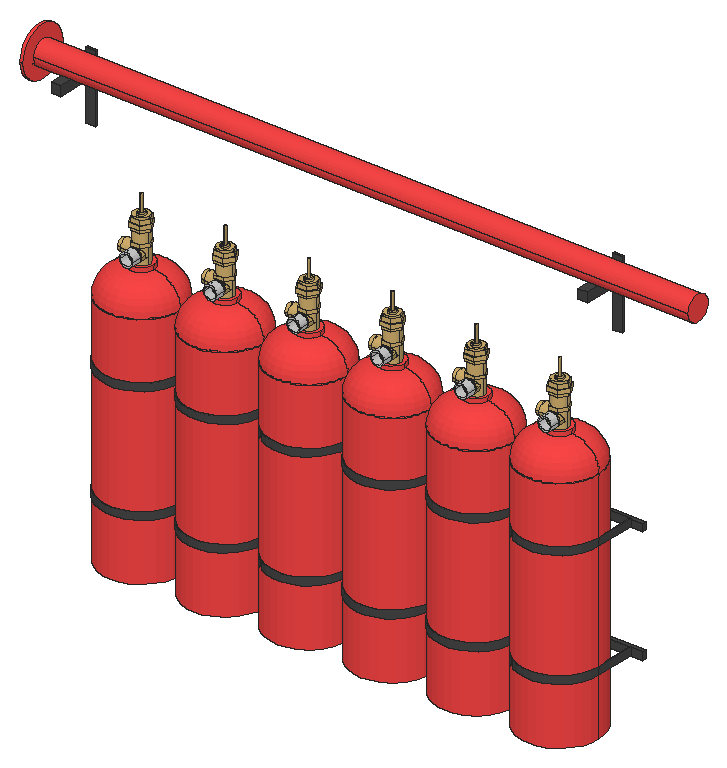
Revit family "Batería de cilindros 150l en simple fila FK-5-1-12_Aguilera Extincion", category Equipos especializados, Revit 2019
Family settings
  Anfitrión = Suelo
  Cota de conector redondo = Radio de uso
  Tipo de pieza = Normal
  Número OmniClass = 23.65.20.14.24
  Título OmniClass = Other Gas Storage Vessels
  Siempre vertical = Sí
  Corte con vacíos al cargar = No
  Compartido = No
  Punto de cálculo de habitación = No
Parameters (values of type "Batería 6 cilindros FK-5-1-12 - 150 l")
  URL = "https://aguilera.es/?productos=sistemas-centralizados-de-67-80-150-y-240l"
  Símbolo texto = yes
  Símbolo = yes
  Rc2 = Radio colector * 2  # 127 mm
  Radio colector = Diámetro colector / 2  # 63.5 mm
  R = Diámetro / 2  # 203 mm
  Número soportes = 2
  Número de cilindros = 6
  Modelo = "AEX/FKB150-06"
  Lt = 3423 mm
  Lcc = Lt / (Número soportes - 0.75)  # 2738.4 mm
  Lc = 535 mm  # constant formula
  Ht = Hc + Diámetro colector  # 2189 mm
  Fabricante = "Aguilera Extinción"  # constant formula
  Diámetro colector = 127 mm
  Descripción = "Batería de cilindros de 150 l, fabricados en acero aleado certificados bajo normativa europea TPED para su uso con NOVEC 1230 de 3M. Presión de trabajo 25 bar a 21.1ºC. Pintados en color rojo (RAL 3002).\r\nEquipados con:\r\n– Válvula de descarga KIDDE 2″. Certificada CE y VdS.\r\n– Solenoide KIDDE 24 Vcc de disparo. Certificado CE y VdS (botella piloto).\r\n– Actuador Manual KIDDE. Certificado CE y Vds.(botella piloto)\r\n– Manómetro con presostato KIDDE. Certificado CE y VdS\r\n– Actuador neumático KIDDE. Certificado CE y VdS (botellas esclavas)\r\n– Latiguillos de disparo y descarga. Certificados CE.\r\n– Colector con brida de acoplamiento.\r\n– Válvulas antirretorno. Certificadas CE.\r\n– Conexión de descarga a colector.\r\n– Herrajes para fijación a pared.\r\n– Caperuza de protección para transporte."  # constant formula
  Diámetro = 406 mm  # constant formula
  Hc = 2062 mm  # constant formula
  D2 = 535 mm  # constant formula
  Cilindro = Cilindros autonomos de 150 a 240l FK-5-1-12_Aguilera Extincion : Cilindro autónomo MH5112® (FK-5-1-12) - 150 l
Types (10, lengths in mm): name | Rc2 | Radio colector | Número soportes | Número de cilindros | Modelo | Lt | Lcc | Ht | Diámetro colector
  (no name) | 127 | 63.5 | 2 | 6 | "AEX/FKB150-06" | 3423 | 2738.4 | 2189 | 127
  Batería 3 cilindros FK-5-1-12 - 150 l | 76.2 | 38.1 | 2 | 3 | "AEX/FKB150-03" | 1786 | 1428.8 | 2138.2 | 76.2
  Batería 4 cilindros FK-5-1-12 - 150 l | 101.6 | 50.8 | 2 | 4 | "AEX/FKB150-04" | 2341 | 1872.8 | 2163.6 | 101.6
  Batería 5 cilindros FK-5-1-12 - 150 l | 101.6 | 50.8 | 2 | 5 | "AEX/FKB150-05" | 2876 | 2300.8 | 2163.6 | 101.6
  Batería 6 cilindros FK-5-1-12 - 150 l | 127 | 63.5 | 2 | 6 | "AEX/FKB150-06" | 3423 | 2738.4 | 2189 | 127
  Batería 7 cilindros FK-5-1-12 - 150 l | 127 | 63.5 | 3 | 7 | "AEX/FKB150-07" | 3958 | 1759.111 | 2189 | 127
  Batería 8 cilindros FK-5-1-12 - 150 l | 127 | 63.5 | 3 | 8 | "AEX/FKB150-08" | 4496 | 1998.222 | 2189 | 127
  Batería 9 cilindros FK-5-1-12 - 150 l | 152.4 | 76.2 | 3 | 9 | "AEX/FKB150-09" | 5031 | 2236 | 2214.4 | 152.4
  Batería 10 cilindros FK-5-1-12 - 150 l | 152.4 | 76.2 | 3 | 10 | "AEX/FKB150-10" | 5566 | 2473.778 | 2214.4 | 152.4
  Batería 2 cilindros FK-5-1-12 - 150 l | 76.2 | 38.1 | 2 | 2 | "AEX/FKB150-02" | 1251 | 1000.8 | 2138.2 | 76.2
Reference planes
  plane 1 "Centro (Frontal/Posterior)": y = 0
  plane 2: z = 0
  plane 3 "Centro (Izquierda/Derecha)": x = 0
  plane 4: z = 600
  plane 5: z = 1200
  plane 6: z = 1565
  plane 7: z = 1703.58
  plane 8: z = 1770
  plane 9: z = 2062
  plane 10: x = -154
  plane 11: z = 2189
  plane 12: x = -600
  plane 13: x = 2823
  plane 14: y = 153.5
  plane 15: x = -440
  plane 16: y = 40.5
  plane 17: z = 2169
Forms (mm)
  Extrusion 1, solid, material "Acero rojo"
    sketch origin (0, 0, 0) x (0, 1, 0) y (0, 0, 1)
      loop
        circle (40.5, 2125.5) r 63.5
    from -600 to 2823
  Extrusion 2, solid, material "Acero rojo"
    sketch origin (0, 0.08, -0.116) x (0, 1, 0) y (0, 0, 1)
      loop
        circle (40.5, 2125.616) r 127
    from -600 to -582.73
Dimensions and locks
  plane 4 to plane 2 = 600 mm
  plane 5 to plane 2 = 1200 mm
  plane 8 to plane 2 = 1770 mm
  "Hc": plane 9 to plane 2
  locked: plane 10 to plane 3 "Centro (Izquierda/Derecha)" at 154
  locked: plane 8 to plane 7 at 66.42
  locked: plane 8 to plane 6 at 205
  "Lt": plane 13 to plane 12
  "Ht": plane 11 to plane 2
  locked: plane 3 "Centro (Izquierda/Derecha)" to plane 12 at 600
  locked: plane 11 to plane 17 at 20
  "Ht": Extrusion 1 sketch curve to plane 2
  equal spacing: group 1, group 2, group 5, group 6, group 7, group 8  (x3)
  plane 11 to nested 2 = 151.6 mm
  group 3 to group 4 = 2738.4 mm
  group 3 to group 4 = 0 mm  (x2)
  "Lcc": nested 4 to plane 15
  equal spacing: plane 11, Extrusion 2 sketch curve, plane 9
  "Radio colector": radius of Extrusion 1 sketch curve
  "Rc2": radius of Extrusion 2 sketch curve
  aligned and locked: level to plane 2
  aligned and locked: Extrusion 1 to plane 12
  aligned and locked: plane 13 to Extrusion 1
Automatic sketch dimensions
  Extrusion 1 sketch curve to plane 16 = 0 mm
  plane 16 to Extrusion 2 sketch curve = 0.08 mm
Nested families
  nested 1: "Cilindros autonomos de 150 a 240l FK-5-1-12_Aguilera Extincion" at (0, -46.5, 0), type <- "Cilindro", type "Cilindro autónomo MH5112® (FK-5-1-12) - 150 l"
  nested 2: "Soporte" at (-60, 153.5, -101.6), type "Soporte"
    with Ht 2189 mm
  nested 3: "Cilindros autonomos de 150 a 240l FK-5-1-12_Aguilera Extincion" at (435, -46.5, 0), type <- "Cilindro", type "Cilindro autónomo MH5112® (FK-5-1-12) - 150 l"
  nested 4: "Soporte" at (2678.4, 153.5, -101.6), type "Soporte"
    with Ht 2189 mm
  nested 5: "S_Cilindros_Aguilera Extinción" at (0, 40.5, 0), visible <- "Símbolo", type "S_Cilindros_Aguilera Extinción", detail levels coarse
  nested 6: "Cilindros autonomos de 150 a 240l FK-5-1-12_Aguilera Extincion" at (870, -46.5, 0), type <- "Cilindro", type "Cilindro autónomo MH5112® (FK-5-1-12) - 150 l"
  nested 7: "Cilindros autonomos de 150 a 240l FK-5-1-12_Aguilera Extincion" at (1305, -46.5, 0), type <- "Cilindro", type "Cilindro autónomo MH5112® (FK-5-1-12) - 150 l"
  nested 8: "Cilindros autonomos de 150 a 240l FK-5-1-12_Aguilera Extincion" at (1740, -46.5, 0), type <- "Cilindro", type "Cilindro autónomo MH5112® (FK-5-1-12) - 150 l"
  nested 9: "Cilindros autonomos de 150 a 240l FK-5-1-12_Aguilera Extincion" at (2175, -46.5, 0), type <- "Cilindro", type "Cilindro autónomo MH5112® (FK-5-1-12) - 150 l"
Connectors
  piping at (-600, 40.5, 2125.5), diameter 127, driven by "Radio colector"
    settings: on Extrusion 1, index 1, connector inside diameter 609.6 mm, connector length 0 mm, flow factor 0, pipe flow 0.0 L/s, pressure drop 0.0 Pa, fitting loss kfactor 0, connector angle 0.00°, fixture units 0, engagement length 0 mm, angle of deflection 0.00°, flow configuration 0, flow direction 0, fitting loss method 0, system type 28, joint type 0, gender type 0, connector reference index -1, connector utility 0, adjustable connector no, is connector primary yes, connector description ""
Definition of nested family "Cilindros autonomos de 150 a 240l FK-5-1-12_Aguilera Extincion"
  Parameters (values of type "Cilindro autónomo MH5112® (FK-5-1-12) - 240 l")
    URL = "https://aguilera.es/?productos=sistemas-autonos-de-150-a-240l"
    Símbolo texto = yes
    Símbolo = yes
    R = Diámetro / 2  # 231 mm
    Model = "AEX/FK240"
    L1 = 596 mm
    Hd = 1730 mm
    H2 = 1120 mm
    H1 = 390 mm
    Manufacturer = "Aguilera Extinción"  # constant formula
    Description = "Cilindro de alta presión, fabricads en acero aleado tratado térmicamente soldados (según Directiva Europea 84/525/CEE). Marcado π . Presión de trabajo de 25 bar, temperatura de servicio de -20ºC a +50ºC, pintados en color rojo (RAL 3002).\r\nEquipada con:\r\n• Válvula de descarga 2 1/2″ con solenoide incorporada. Certiﬁcada CE y VdS.\r\n• Actuador Manual. Certiﬁcado CE y VdS.\r\n• Manómetro con presostato. Certiﬁcado CE y VdS.\r\n• Herrajes para ﬁjación a pared.\r\n• Caperuza de protección para transporte."  # constant formula
    Diámetro = 462 mm
    H = 2000 mm
    Aux_R = R / 2  # 115.5 mm
  Types (3, lengths in mm): name | R | Model | L1 | Hd | H2 | H1 | Diámetro | H | Aux_R
    (no name) | 231 | "AEX/FK240" | 596 | 1730 | 1120 | 390 | 462 | 2000 | 115.5
    Cilindro autónomo MH5112® (FK-5-1-12) - 150 l | 203 | "AEX/FK150" | 564 | 1439 | 920 | 320 | 406 | 1709 | 101.5
    Cilindro autónomo MH5112® (FK-5-1-12) - 240 l | 231 | "AEX/FK240" | 596 | 1730 | 1120 | 390 | 462 | 2000 | 115.5
  Reference planes
    plane 1 "Centro (Frontal/Posterior)": y = 0
    plane 2: z = 0
    plane 3 "Centro (Izquierda/Derecha)": x = 0
    plane 4: y = 231
    plane 5: z = 390
    plane 6: z = 1120
    plane 7: z = 1525
    plane 8: z = 1663.58
    plane 9: z = 1730
    plane 10: z = 2000
    plane 11: x = -100
    plane 12: x = -231
    plane 13: x = 231
    plane 14: x = -231
    plane 15: x = 231
    plane 16: x = -231
    plane 17: x = 231
    plane 18: x = -40
    plane 19: z = 1905
  Forms (mm)
    Extrusion 1, solid, detail levels medium+fine
      sketch origin (0, 0, 0) x (1, 0, 0) y (0, 1, 0)
        loop
          circle (0, 0) r 231
      from 0 to 1525
    Extrusion 2, solid, detail levels medium+fine
      sketch origin (-745.59, -6000, 1663.58) x (-1, 0, 0) y (0, -1, 0)
        loop
          circle (-745.59, -6000) r 40
      from 0 to 241.42
    Extrusion 3, solid, detail levels medium+fine
      sketch origin (-70, 0, 0) x (0, -1, 0) y (0, 0, 1)
        loop
          circle (0, 1730) r 35
      from -70 to 10
    Revolve 4, solid, detail levels medium+fine
      sketch origin (0, 0, 0) x (1, 0, 0) y (0, 0, 1)
        loop
          line (0, 1663.58) -> (-40, 1663.58)
          arc (-40, 1663.58) -> (-170.746, 1643.575) -> (-231, 1525.829) r 145.174
          line (-231, 1525.829) -> (-231, 1525) -> (0, 1525) -> (0, 1663.58)
        axis (0, 1663.58) -> (0, 1525)
      angle from 0 to 360
    Extrusion 5, solid, detail levels fine
      sketch origin (-745.59, -6000, 1120) x (-1, 0, 0) y (0, -1, 0)
        loop
          line (-447.09, -6251) -> (-447.09, -6231) -> (-512.59, -6231) -> (-512.59, -6000)
          arc (-512.59, -6000) -> (-745.59, -5767) -> (-978.59, -6000) r 233
          line (-978.59, -6000) -> (-978.59, -6231) -> (-1044.09, -6231) -> (-1044.09, -6251) -> (-447.09, -6251)
        loop
          arc (-514.59, -6000) -> (-745.59, -5769) -> (-976.59, -6000) r 231
          line (-976.59, -6000) -> (-976.59, -6231) -> (-514.59, -6231) -> (-514.59, -6000)
      from 20 to -20
    Extrusion 6, solid, detail levels fine
      sketch origin (-745.59, -6000, 1663.58) x (-1, 0, 0) y (0, -1, 0)
        loop
          circle (-745.59, -6000) r 62.646
      from 0 to 22.444
    Extrusion 7, solid, detail levels medium+fine
      sketch origin (-745.59, -6000, 390) x (-1, 0, 0) y (0, -1, 0)
        loop
          line (-447.09, -6251) -> (-447.09, -6231) -> (-512.59, -6231) -> (-512.59, -6000)
          arc (-512.59, -6000) -> (-745.59, -5767) -> (-978.59, -6000) r 233
          line (-978.59, -6000) -> (-978.59, -6231) -> (-1044.09, -6231) -> (-1044.09, -6251) -> (-447.09, -6251)
        loop
          arc (-514.59, -6000) -> (-745.59, -5769) -> (-976.59, -6000) r 231
          line (-976.59, -6000) -> (-976.59, -6231) -> (-514.59, -6231) -> (-514.59, -6000)
      from -20 to 20
    Extrusion 8, solid, detail levels medium+fine
      sketch origin (-745.59, -6000, 1905) x (-1, 0, 0) y (0, -1, 0)
        loop
          line (-769.342, -6041.141) -> (-721.837, -6041.141) -> (-698.084, -6000) -> (-721.837, -5958.859) -> (-769.342, -5958.859) -> (-793.095, -6000) -> (-769.342, -6041.141)
      from -8.378 to -30.23
    Extrusion 9, solid, detail levels medium+fine
      sketch origin (0.001, -69.978, 0) x (1, 0.000332, 0) y (0, 0, 1)
        loop
          circle (0, 1730) r 35
      from -70 to -28.863
    Extrusion 10, solid, detail levels medium+fine
      sketch origin (-145, 0, 0) x (0, -1, 0) y (0, 0, 1)
        loop
          circle (0, 1730) r 30
        loop
          circle (0, 1730) r 25
      from -65 to -45
    Extrusion 11, solid, detail levels medium+fine
      sketch origin (0.001, -127.334, 0) x (1, 0.000332, 0) y (0, 0, 1)
        loop
          circle (0, 1730) r 30
      from -86.218 to -73.878
    Extrusion 12, solid, detail levels medium+fine
      sketch origin (0.001, -157.335, 0) x (1, 0.000332, 0) y (0, 0, 1)
        loop
          circle (0, 1730) r 35
        loop
          circle (0, 1730) r 29.994
      from -103.928 to -58.906
    Extrusion 13, solid, detail levels medium+fine
      sketch origin (-745.59, -6000, 1905) x (-1, 0, 0) y (0, -1, 0)
        loop
          line (-769.342, -6041.141) -> (-721.837, -6041.141) -> (-698.084, -6000) -> (-721.837, -5958.859) -> (-769.342, -5958.859) -> (-793.095, -6000) -> (-769.342, -6041.141)
      from -121.888 to -139.419
    Extrusion 14, solid, detail levels medium+fine
      sketch origin (-745.59, -6000, 1905) x (-1, 0, 0) y (0, -1, 0)
        loop
          line (-769.342, -6041.141) -> (-721.837, -6041.141) -> (-698.084, -6000) -> (-721.837, -5958.859) -> (-769.342, -5958.859) -> (-793.095, -6000) -> (-769.342, -6041.141)
      from -51.35 to -67.465
    Extrusion 15, solid, detail levels medium+fine
      sketch origin (-745.59, -6000, 1905) x (-1, 0, 0) y (0, -1, 0)
        loop
          line (-773.409, -6048.185) -> (-717.77, -6048.185) -> (-689.951, -6000) -> (-717.77, -5951.815) -> (-773.409, -5951.815) -> (-801.228, -6000) -> (-773.409, -6048.185)
      from -30.23 to -51.35
    Revolve 16, solid, detail levels fine
      sketch origin (0, 0, 0) x (0, 1, 0) y (0, 0, 1)
        loop
          line (0, 1905) -> (0, 2000) -> (-5, 2000) -> (-5, 1915) -> (-15, 1915) -> (-15, 1910) -> (-20, 1910) -> (-20, 1905) -> (0, 1905)
        axis (0, 2000) -> (0, 1905)
      angle from 0 to 360
  Lines and regions (mm)
    symbolic lines
      curve 1: line (0, 271, 0) -> (0, 231, 0)
      curve 2: line (-25, 251, 0) -> (25, 251, 0)
      curve 3: circle (0, 251, 0) r 15 normal (0, 0, 1)
  Dimensions and locks
    "H1": plane 5 to plane 2
    "H2": plane 6 to plane 2
    "Hd": plane 9 to plane 2
    "H": plane 10 to plane 2
    locked: plane 11 to plane 3 "Centro (Izquierda/Derecha)" at 100
    equal spacing: plane 12, plane 3 "Centro (Izquierda/Derecha)", plane 13
    "Diámetro": plane 12 to plane 13
    locked: plane 9 to plane 8 at 66.42
    locked: plane 9 to plane 7 at 205
    "R": plane 1 "Centro (Frontal/Posterior)" to plane 4
    equal spacing: plane 14, plane 3 "Centro (Izquierda/Derecha)", plane 15
    "Diámetro": plane 14 to plane 15
    equal spacing: Extrusion 5 sketch curve, plane 3 "Centro (Izquierda/Derecha)", Extrusion 5 sketch curve
    "R": Revolve 4 sketch curve to Revolve 4 sketch curve
    equal spacing: plane 16, plane 3 "Centro (Izquierda/Derecha)", plane 17
    "Diámetro": plane 16 to plane 17
    equal spacing: Extrusion 7 sketch curve, plane 3 "Centro (Izquierda/Derecha)", Extrusion 7 sketch curve
    locked: Revolve 4 sketch curve to Revolve 4 sketch curve at 0.829
    locked: plane 10 to plane 19 at 95
    "Diámetro": diameter of Extrusion 1 sketch curve
    aligned and locked: level to plane 2
    aligned and locked: plane 7 to Extrusion 1
    aligned and locked: Extrusion 2 to plane 8
    aligned and locked: Revolve 4 sketch curve to plane 3 "Centro (Izquierda/Derecha)"  (x2)
    aligned and locked: Extrusion 5 sketch curve to Extrusion 5 sketch curve  (x2)
    aligned and locked: Extrusion 5 sketch curve to plane 4
    aligned and locked: Extrusion 5 sketch curve to plane 15
    aligned and locked: Extrusion 5 sketch curve to plane 14
    aligned and locked: Revolve 4 sketch curve to plane 7
    aligned and locked: Extrusion 7 sketch curve to Extrusion 7 sketch curve  (x2)
    aligned and locked: Extrusion 7 sketch curve to plane 17
    aligned and locked: Extrusion 7 sketch curve to plane 16
    aligned and locked: plane 18 to Extrusion 2
    aligned and locked: plane 18 to Revolve 4 sketch curve
    aligned and locked: Extrusion 10 to plane 11
    aligned and locked: plane 19 to Extrusion 2
    aligned and locked: Revolve 16 sketch curve to Revolve 16 sketch curve
  Automatic sketch dimensions
    curve 1 to plane 3 "Centro (Izquierda/Derecha)" = 0 mm
    curve 3 to plane 3 "Centro (Izquierda/Derecha)" = 0 mm
    curve 1 to plane 4 = 0 mm
    curve 1 to curve 3 = 20 mm
    curve 2 to plane 3 "Centro (Izquierda/Derecha)" = 25 mm
    plane 3 "Centro (Izquierda/Derecha)" to curve 2 = 25 mm
    plane 4 to curve 2 = 20 mm
    curve 3 to curve 1 = 20 mm
    plane 1 "Centro (Frontal/Posterior)" to Extrusion 2 sketch curve = 0 mm
    Extrusion 2 sketch curve to plane 3 "Centro (Izquierda/Derecha)" = 0 mm
    plane 1 "Centro (Frontal/Posterior)" to Extrusion 6 sketch curve = 0 mm
    Extrusion 6 sketch curve to plane 3 "Centro (Izquierda/Derecha)" = 0 mm
    plane 1 "Centro (Frontal/Posterior)" to Extrusion 8 sketch curve = 0 mm  (x2)
    plane 3 "Centro (Izquierda/Derecha)" to Extrusion 8 sketch curve = 47.506 mm
    plane 3 "Centro (Izquierda/Derecha)" to Extrusion 8 sketch curve = 23.753 mm  (x2)
    Extrusion 8 sketch curve to plane 3 "Centro (Izquierda/Derecha)" = 23.753 mm  (x2)
    Extrusion 8 sketch curve to Extrusion 8 sketch curve = 23.753 mm
    Extrusion 8 sketch curve to plane 1 "Centro (Frontal/Posterior)" = 41.141 mm
    plane 1 "Centro (Frontal/Posterior)" to Extrusion 8 sketch curve = 41.141 mm
    Extrusion 9 sketch curve to plane 9 = 0 mm
    Extrusion 11 sketch curve to plane 9 = 0 mm
    plane 1 "Centro (Frontal/Posterior)" to Extrusion 13 sketch curve = 0 mm  (x2)
    plane 3 "Centro (Izquierda/Derecha)" to Extrusion 13 sketch curve = 47.506 mm
    plane 3 "Centro (Izquierda/Derecha)" to Extrusion 13 sketch curve = 23.753 mm  (x2)
    Extrusion 13 sketch curve to plane 3 "Centro (Izquierda/Derecha)" = 23.753 mm  (x2)
    Extrusion 13 sketch curve to Extrusion 13 sketch curve = 23.753 mm
    Extrusion 13 sketch curve to plane 1 "Centro (Frontal/Posterior)" = 41.141 mm
    plane 1 "Centro (Frontal/Posterior)" to Extrusion 13 sketch curve = 41.141 mm
    plane 1 "Centro (Frontal/Posterior)" to Extrusion 14 sketch curve = 0 mm  (x2)
    plane 3 "Centro (Izquierda/Derecha)" to Extrusion 14 sketch curve = 47.506 mm
    plane 3 "Centro (Izquierda/Derecha)" to Extrusion 14 sketch curve = 23.753 mm  (x2)
    Extrusion 14 sketch curve to plane 3 "Centro (Izquierda/Derecha)" = 23.753 mm  (x2)
    Extrusion 14 sketch curve to Extrusion 14 sketch curve = 23.753 mm
    Extrusion 14 sketch curve to plane 1 "Centro (Frontal/Posterior)" = 41.141 mm
    plane 1 "Centro (Frontal/Posterior)" to Extrusion 14 sketch curve = 41.141 mm
    plane 1 "Centro (Frontal/Posterior)" to Extrusion 15 sketch curve = 0 mm  (x2)
    plane 3 "Centro (Izquierda/Derecha)" to Extrusion 15 sketch curve = 55.639 mm
    plane 3 "Centro (Izquierda/Derecha)" to Extrusion 15 sketch curve = 27.819 mm  (x2)
    Extrusion 15 sketch curve to plane 3 "Centro (Izquierda/Derecha)" = 27.819 mm  (x2)
    plane 11 to Extrusion 15 sketch curve = 44.361 mm
    Extrusion 15 sketch curve to plane 1 "Centro (Frontal/Posterior)" = 48.185 mm
    plane 1 "Centro (Frontal/Posterior)" to Extrusion 15 sketch curve = 48.185 mm
    Extrusion 12 sketch curve to Extrusion 12 sketch curve = 0 mm  (x2)
    Extrusion 12 sketch curve to plane 9 = 0 mm
    Extrusion 3 sketch curve to plane 1 "Centro (Frontal/Posterior)" = 0 mm
    Extrusion 3 sketch curve to plane 9 = 0 mm
    Extrusion 10 sketch curve to Extrusion 10 sketch curve = 0 mm  (x2)
    Extrusion 10 sketch curve to plane 1 "Centro (Frontal/Posterior)" = 0 mm
    Extrusion 10 sketch curve to plane 9 = 0 mm
    Revolve 16 sketch curve to plane 19 = 0 mm
    Revolve 16 sketch curve to plane 10 = 0 mm
    Revolve 16 sketch curve to plane 1 "Centro (Frontal/Posterior)" = 0 mm
    plane 1 "Centro (Frontal/Posterior)" to Revolve 16 sketch curve = 5 mm
    Revolve 16 sketch curve to Revolve 16 sketch curve = 10 mm
    Revolve 16 sketch curve to Revolve 16 sketch curve = 5 mm
    plane 19 to Revolve 16 sketch curve = 5 mm
    plane 19 to Revolve 16 sketch curve = 10 mm
    Revolve 16 sketch curve to plane 19 = 5.556 mm
    Revolve 16 sketch curve to Revolve 16 sketch curve = 37.5 mm
    plane 1 "Centro (Frontal/Posterior)" to Extrusion 1 sketch curve = 0 mm
    Extrusion 1 sketch curve to plane 3 "Centro (Izquierda/Derecha)" = 0 mm
    Revolve 4 sketch curve to plane 8 = 0 mm
    plane 6 to Revolve 4 sketch curve = 8.628 mm
    Revolve 4 sketch curve to plane 9 = 6 mm
    Extrusion 5 sketch curve to Extrusion 5 sketch curve = 0 mm  (x2)
    plane 1 "Centro (Frontal/Posterior)" to Extrusion 5 sketch curve = 0 mm
    Extrusion 5 sketch curve to plane 15 = 2 mm
    Extrusion 5 sketch curve to Extrusion 5 sketch curve = 65.5 mm
    Extrusion 5 sketch curve to Extrusion 5 sketch curve = 20 mm
    Extrusion 7 sketch curve to Extrusion 7 sketch curve = 0 mm  (x2)
    Extrusion 7 sketch curve to plane 4 = 0 mm
    plane 1 "Centro (Frontal/Posterior)" to Extrusion 7 sketch curve = 0 mm
    Extrusion 7 sketch curve to plane 17 = 2 mm
    Extrusion 7 sketch curve to Extrusion 7 sketch curve = 65.5 mm
    Extrusion 7 sketch curve to Extrusion 7 sketch curve = 20 mm
    radius of curve 3 = 15 mm
    radius of Extrusion 2 sketch curve = 40 mm
    radius of Extrusion 6 sketch curve = 62.646 mm
    radius of Extrusion 9 sketch curve = 35 mm
    radius of Extrusion 11 sketch curve = 30 mm
    radius of Extrusion 12 sketch curve = 35 mm
    radius of Extrusion 12 sketch curve = 29.994 mm
    radius of Extrusion 3 sketch curve = 35 mm
    radius of Extrusion 10 sketch curve = 30 mm
    radius of Extrusion 10 sketch curve = 25 mm
  Nested families
    nested 1: "S_Cilindro_Aguilera Extinción" at (0, 0, 0), visible <- "Símbolo", type "S_Cilindro_Aguilera Extinción", detail levels coarse
  Definition of nested family "S_Cilindro_Aguilera Extinción"
    Parameters (values of type "S_Cilindro_Aguilera Extinción")
      Texto símbolo = "Cilindros"
      Texto modelo = yes
      Modelo = "Cilindros"
    Reference planes
      plane 1: y = 0
      plane 2: x = 0
    Lines and regions (mm)
      detail lines
        curve 1: line (-1.703, -1.659, 0) -> (1.659, -1.659, 0)
        curve 2: line (-1.703, 1.659, 0) -> (-1.703, -1.659, 0)
        curve 3: line (1.659, 1.659, 0) -> (-1.703, 1.659, 0)
        curve 4: line (1.659, -1.659, 0) -> (1.659, 1.659, 0)
        curve 5: circle (0, 0, 0) r 1.659 normal (0, 0, 1)
    Text (mm)
      label "Texto símbolo" at (-0.164, 3.111, 0), shows "Texto símbolo"
      label "Modelo" at (-0.164, -2.652, 0), shows "Modelo", visible <- "Texto modelo"
Definition of nested family "Soporte"
  Parameters (values of type "Soporte")
    Ht = 1266.694 mm
  Reference planes
    plane 1 "Centro (Frontal/Posterior)": y = 0
    plane 2: z = 0
    plane 3 "Centro (Izquierda/Derecha)": x = 0
    plane 4: z = 1266.694
  Forms (mm)
    Extrusion 1, solid
      sketch origin (-380, -6153.5, 976.911) x (0, 0, 1) y (0, -1, 0)
        loop
          line (354.783, -6153.5) -> (354.783, -6143.5) -> (289.783, -6143.5) -> (289.783, -5918.5) -> (239.783, -5918.5) -> (239.783, -6143.5) -> (-0.217, -6143.5) -> (-0.217, -6153.5) -> (354.783, -6153.5)
      from 0 to 50
  Lines and regions (mm)
    symbolic lines
      curve 1: line (-355, 20, 0) -> (-355, -20, 0)
      curve 2: line (-380, 0, 0) -> (-330, 0, 0)
      curve 3: circle (-355, 0, 0) r 15 normal (0, 0, 1)
  Dimensions and locks
    "Ht": plane 4 to plane 2
    aligned and locked: level to plane 2
    aligned and locked: Extrusion 1 sketch curve to plane 4
    aligned and locked: plane 1 "Centro (Frontal/Posterior)" to Extrusion 1 sketch curve
  Automatic sketch dimensions
    plane 1 "Centro (Frontal/Posterior)" to curve 2 = 0 mm
    plane 1 "Centro (Frontal/Posterior)" to curve 3 = 0 mm
    curve 3 to plane 3 "Centro (Izquierda/Derecha)" = 355 mm
    curve 1 to curve 3 = 0 mm
    curve 2 to curve 3 = 25 mm
    curve 3 to curve 2 = 25 mm
    plane 1 "Centro (Frontal/Posterior)" to curve 1 = 20 mm
    curve 1 to plane 1 "Centro (Frontal/Posterior)" = 20 mm
    plane 1 "Centro (Frontal/Posterior)" to Extrusion 1 sketch curve = 10 mm
    Extrusion 1 sketch curve to plane 4 = 50 mm
    Extrusion 1 sketch curve to Extrusion 1 sketch curve = 240 mm
    plane 4 to Extrusion 1 sketch curve = 65 mm
    Extrusion 1 sketch curve to Extrusion 1 sketch curve = 10 mm
    Extrusion 1 sketch curve to Extrusion 1 sketch curve = 225 mm
    radius of curve 3 = 15 mm
Definition of nested family "S_Cilindros_Aguilera Extinción"
  Parameters (values of type "S_Cilindros_Aguilera Extinción")
    Texto símbolo = "Cilindros"
    Texto modelo = yes
    Modelo = "Cilindros"
  Reference planes
    plane 1: y = 0
    plane 2: x = 0
  Lines and regions (mm)
    detail lines
      curve 1: line (-6.666, -1.659, 0) -> (6.654, -1.659, 0)
      curve 2: line (-6.666, 1.659, 0) -> (-6.666, -1.659, 0)
      curve 3: line (6.654, 1.659, 0) -> (-6.666, 1.659, 0)
      curve 4: line (6.654, -1.659, 0) -> (6.654, 1.659, 0)
      curve 5: circle (-4.976, 0, 0) r 1.659 normal (0, 0, 1)
      curve 6: circle (-1.659, 0, 0) r 1.659 normal (0, 0, 1)
      curve 7: circle (1.659, 0, 0) r 1.659 normal (0, 0, 1)
      curve 8: circle (4.976, 0, 0) r 1.659 normal (0, 0, 1)
  Text (mm)
    label "Texto símbolo" at (-0.164, 3.111, 0), shows "Texto símbolo"
    label "Modelo" at (-0.164, -2.652, 0), shows "Modelo", visible <- "Texto modelo"
